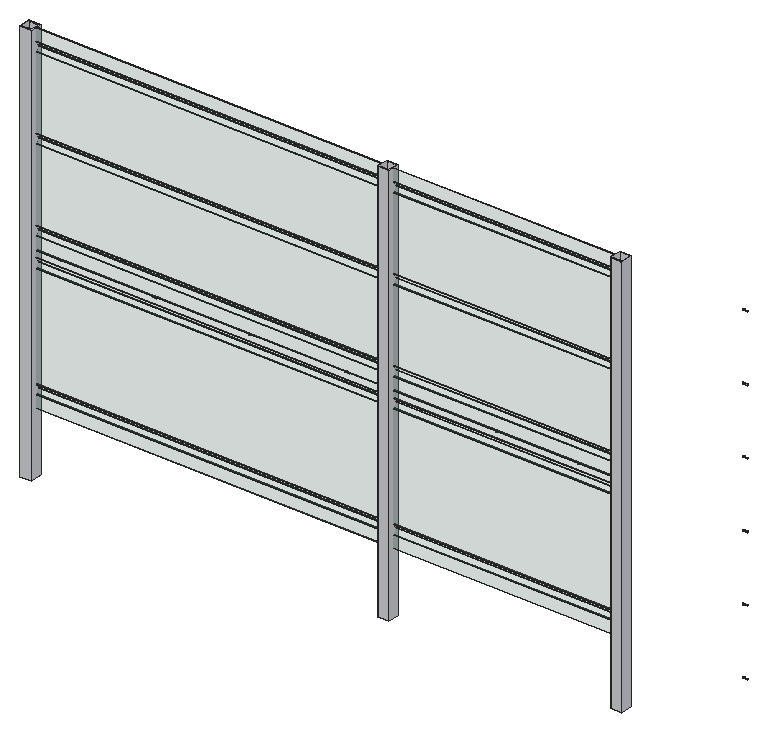
Revit family "Ограждение_Составное_Панель_3D_3000", category Специальное оборудование, Revit 2019 (continued)
Definition of nested family "В_Столб"
  Nested families
    nested 8: "В_Метизы" at (20, 0, 4965), type "Метизы"
      with Тип крепежа 1, Путь к таблице "Таблица метизов", ADSK_Наименование "Комплект метизов «В» для крепления скобы F24 (Винт М6х30 ISO 7380 А2 - 4 шт., Шайба D6 DIN 125 А2 - 4 шт.,Шайба 6 DIN 127 А2 - 4 шт.)", ADSK_Комплект "Ограждение", ADSK_Количество 1, ADSK_Код изделия "8932"
    nested 9: "В_Метизы" at (20, 0, 1319.928), type "Метизы"
      with Тип крепежа 1, Путь к таблице "Таблица метизов", ADSK_Наименование "Комплект метизов «В» для крепления скобы F24 (Винт М6х30 ISO 7380 А2 - 4 шт., Шайба D6 DIN 125 А2 - 4 шт.,Шайба 6 DIN 127 А2 - 4 шт.)", ADSK_Комплект "Ограждение", ADSK_Количество 1, ADSK_Код изделия "8932"
    nested 10: "Типовая аннотация" at (0, 0, 0) x (0, 1, 0) z (0, 0, 1), visible <- "Условное обозначение", type "Типовая аннотация"
      with Ширина 8 mm, Высота 8 mm
    nested 11: "В_Крепеж" at (0, 0, 3749.976), Тип крепежа <- "Ограничитель крепежа", ADSK_Комплект <- "ADSK_Комплект", type "Крепеж"
      with Ширина столба 0 mm, Тип крепежа 1, Путь к таблице "Таблица крепежей", Видимость метизов yes, Y насадка no, ADSK_Обозначение "Крепеж", ADSK_Наименование "Скоба F24", ADSK_Комплект "Ограждение", ADSK_Количество 1, ADSK_Код изделия "15512K"
    nested 12: "В_Метизы" at (20, 0, 3749.976), type "Метизы"
      with Тип крепежа 1, Путь к таблице "Таблица метизов", ADSK_Наименование "Комплект метизов «В» для крепления скобы F24 (Винт М6х30 ISO 7380 А2 - 4 шт., Шайба D6 DIN 125 А2 - 4 шт.,Шайба 6 DIN 127 А2 - 4 шт.)", ADSK_Комплект "Ограждение", ADSK_Количество 1, ADSK_Код изделия "8932"
  Definition of nested family "В_Винтовая опора"
    Parameters (values of type "Свая")
      Ширина столба [instance] = 60 mm
      Путь к таблице [instance] = "Опора имя"  # constant formula
      Диаметр сваи [instance] = 57 mm
      Глубина столба [instance] = 60 mm
      Высота сваи [instance] = 1000 mm
      URL = "https://www.fensys.ru/produkciya/zabivnye-svai_1.html"
      ADSK_Наименование [instance] = size_lookup(Путь к таблице, "", "Свая не найдена, проверьте параметры", Высота сваи, Диаметр сваи, Ширина столба, Глубина столба)  # "Винтовая опора 57х1000 фланец под столб 60х60"
      ADSK_Масса [instance] = size_lookup(Путь к таблице, "ADSK_Масса", 0, Высота сваи, Диаметр сваи, Ширина столба, Глубина столба)  # 5.5
      ADSK_Комплект [instance] = "Ограждение"
      ADSK_Завод-изготовитель [instance] = "FENSYS"  # constant formula
      ADSK_Единица измерения [instance] = "шт."  # constant formula
    Reference planes
      plane 1 "По центру (Вперед/Назад)": y = 0
      plane 2: z = 0
      plane 3 "По центру (Влево/Вправо)": x = 0
      plane 4 "Низ сваи": z = -1000
    Forms (mm)
      Blend 1, solid
        base sketch origin (0, 0, 0) x (1, 0, 0) y (0, 1, 0)
          loop
            circle (0, 0) r 20
        top sketch origin (0, 0, 0) x (1, 0, 0) y (0, 1, 0)
          loop
            circle (0, 0) r 57
        from -1000 to 0
    Dimensions and locks
      "Высота сваи": level to plane 4 "Низ сваи"
      "Диаметр сваи": radius of Blend 1 sketch curve
      aligned and locked: level to plane 2
      aligned and locked: level to Blend 1
      aligned and locked: Blend 1 to level
      aligned and locked: Blend 1 to plane 4 "Низ сваи"
    Automatic sketch dimensions
      plane 1 "По центру (Вперед/Назад)" to Blend 1 sketch curve = 0 mm  (x2)
      Blend 1 sketch curve to plane 3 "По центру (Влево/Вправо)" = 0 mm  (x2)
      radius of Blend 1 sketch curve = 20 mm
  Definition of nested family "В_Крепеж"
    Parameters (values of type "Крепеж")
      Ширина столба [instance] = 0 mm
      Тип крепежа [instance] = 5
      Путь к таблице [instance] = "Таблица крепежей"  # constant formula
      Manufacturer = [ADSK_Завод-изготовитель]  # "FENSYS"
      Model = "Насадки"
      Видимость метизов [instance] = not(Тип крепежа = 5)  # no
      Y насадка [instance] = yes
      URL = "https://www.fensys.ru/produkciya/krepyozh.html"
      ADSK_Обозначение [instance] = "Крепеж"  # constant formula
      ADSK_Наименование [instance] = size_lookup(Путь к таблице, "", "Не найдено", Тип крепежа)  # "Комплект крепления СББ/ПББ к насадке (Болт М6х25 DIN 933 оц - 4 шт., Зажим для крепления струны/проволоки - 4 шт., Шайба D6 DIN 125 оц. - 8 шт.,  Гайка М6 кл.8.0 DIN 934 оц. - 4 шт.)"
      ADSK_Комплект [instance] = ""
      ADSK_Количество [instance] = 1  # constant formula
      ADSK_Код изделия [instance] = size_lookup(Путь к таблице, "ADSK_Код изделия", "Не найдено", Тип крепежа)  # "8927"
      ADSK_Завод-изготовитель = "FENSYS"  # constant formula
      ADSK_Единица измерения = "шт."  # constant formula
    Reference planes
      plane 1 "По центру (Вперед/Назад)": y = 0
      plane 2: z = 0
      plane 3 "По центру (Влево/Вправо)": x = 0
      plane 4: z = 0
    Forms (mm)
      Extrusion 1, solid
        sketch origin (0, -3, 0) x (1, 0, 0) y (0, 1, 0)
          loop
            line (-20, 5.5) -> (-20, 0.5) -> (20, 0.5) -> (20, 5.5) -> (-20, 5.5)
        from -4.311 to 4.311
    Dimensions and locks
      locked: Extrusion 1 sketch curve to Extrusion 1 sketch curve at 5
      locked: Extrusion 1 sketch curve to Extrusion 1 sketch curve at 40
      aligned and locked: level to plane 2
    Nested families
      nested 1: "В_Метизы" at (20, 0, 0), Тип крепежа <- "Тип крепежа", ADSK_Комплект <- "ADSK_Комплект", visible <- "Видимость метизов", type "Метизы"
        with Тип крепежа 5, Путь к таблице "Таблица метизов", ADSK_Наименование "Комплект крепления СББ/ПББ к насадке (Болт М6х25 DIN 933 оц - 4 шт., Зажим для крепления струны/проволоки - 4 шт., Шайба D6 DIN 125 оц. - 8 шт.,  Гайка М6 кл.8.0 DIN 934 оц. - 4 шт.)", ADSK_Комплект "", ADSK_Количество 1, ADSK_Код изделия "8927"
      nested 2: "В_Метизы" at (-20, 0, 0), visible <- "Y насадка", Тип крепежа <- "Тип крепежа", ADSK_Комплект <- "ADSK_Комплект", type "Метизы"
        with Тип крепежа 5, Путь к таблице "Таблица метизов", ADSK_Наименование "Комплект крепления СББ/ПББ к насадке (Болт М6х25 DIN 933 оц - 4 шт., Зажим для крепления струны/проволоки - 4 шт., Шайба D6 DIN 125 оц. - 8 шт.,  Гайка М6 кл.8.0 DIN 934 оц. - 4 шт.)", ADSK_Комплект "", ADSK_Количество 1, ADSK_Код изделия "8927"
    Definition of nested family "В_Метизы"
      Parameters (values of type "Метизы")
        Тип крепежа [instance] = 1
        Путь к таблице [instance] = "Таблица метизов"  # constant formula
        Manufacturer = [ADSK_Завод-изготовитель]  # "FENSYS"
        URL = "https://www.fensys.ru/produkciya/krepyozh.html"
        ADSK_Наименование [instance] = size_lookup(Путь к таблице, "", "Не найдено", Тип крепежа)  # "Комплект метизов «В» для крепления скобы F24 (Винт М6х30 ISO 7380 А2 - 4 шт., Шайба D6 DIN 125 А2 - 4 шт.,Шайба 6 DIN 127 А2 - 4 шт.)"
        ADSK_Комплект [instance] = "Ограждение"
        ADSK_Количество [instance] = 1  # constant formula
        ADSK_Код изделия [instance] = size_lookup(Путь к таблице, "ADSK_Код изделия", "Не найдено", Тип крепежа)  # "8932"
        ADSK_Завод-изготовитель = "FENSYS"  # constant formula
        ADSK_Единица измерения = "шт."  # constant formula
      Reference planes
        plane 1 "По центру (Вперед/Назад)": y = 0
        plane 2: z = 0
        plane 3 "По центру (Влево/Вправо)": x = 0
        plane 4: z = 0
      Lines and regions (mm)
        reference lines
          curve 1: circle (0, 0, 0) r 0.299 normal (0, -1, 0)
        model lines
          curve 2: circle (0, 0, 0) r 0.3 normal (0, -1, 0)
      Dimensions and locks
        aligned and locked: level to plane 2
  Definition of nested family "В_Метизы"
    Parameters (values of type "Метизы")
      Тип крепежа [instance] = 1
      Путь к таблице [instance] = "Таблица метизов"  # constant formula
      Manufacturer = [ADSK_Завод-изготовитель]  # "FENSYS"
      URL = "https://www.fensys.ru/produkciya/krepyozh.html"
      ADSK_Наименование [instance] = size_lookup(Путь к таблице, "", "Не найдено", Тип крепежа)  # "Комплект метизов «В» для крепления скобы F24 (Винт М6х30 ISO 7380 А2 - 4 шт., Шайба D6 DIN 125 А2 - 4 шт.,Шайба 6 DIN 127 А2 - 4 шт.)"
      ADSK_Комплект [instance] = "Ограждение"
      ADSK_Количество [instance] = 1  # constant formula
      ADSK_Код изделия [instance] = size_lookup(Путь к таблице, "ADSK_Код изделия", "Не найдено", Тип крепежа)  # "8932"
      ADSK_Завод-изготовитель = "FENSYS"  # constant formula
      ADSK_Единица измерения = "шт."  # constant formula
    Reference planes
      plane 1 "По центру (Вперед/Назад)": y = 0
      plane 2: z = 0
      plane 3 "По центру (Влево/Вправо)": x = 0
      plane 4: z = 0
    Lines and regions (mm)
      reference lines
        curve 1: circle (0, 0, 0) r 0.299 normal (0, -1, 0)
      model lines
        curve 2: circle (0, 0, 0) r 0.3 normal (0, -1, 0)
    Dimensions and locks
      aligned and locked: level to plane 2
  Definition of nested family "Типовая аннотация"
    Parameters (values of type "Типовая аннотация")
      Ширина [instance] = 10 mm
      Высота [instance] = 10 mm
    Reference planes
      plane 1: y = 0
      plane 2: x = 0
    Lines and regions (mm)
      detail lines
        curve 1: line (-5, 5, 0) -> (5, 5, 0)
        curve 2: line (-5, -5, 0) -> (-5, 5, 0)
        curve 3: line (5, -5, 0) -> (-5, -5, 0)
        curve 4: line (5, 5, 0) -> (5, -5, 0)
      reference lines
        curve 5: line (-5, 0, 0) -> (5, 0, 0)
        curve 6: line (0, -5, 0) -> (0, 5, 0)
        curve 7: line (5, -5, 0) -> (5, 5, 0)
        curve 8: line (-5, -5, 0) -> (-5, 5, 0)
        curve 9: line (5, 5, 0) -> (-5, 5, 0)
        curve 10: line (5, -5, 0) -> (-5, -5, 0)
    Dimensions and locks
      "Высота": curve 9 to curve 10
      "Ширина": curve 8 to curve 7
      equal spacing: curve 10, plane 1, curve 9
      equal spacing: curve 8, curve 6, curve 7
      aligned and locked: plane 1 to curve 5
      aligned and locked: plane 2 to curve 6
      aligned and locked: curve 8 to curve 2
      aligned and locked: curve 1 to curve 9
      aligned and locked: curve 4 to curve 7
      aligned and locked: curve 3 to curve 10
Definition of nested family "В_Панель"
  Parameters (values of type "Панель")
    Толщина панели = 8 mm
    Тип крепежа [instance] = 0
    Таблица масса [instance] = "Панель масса"  # constant formula
    Расчетная длина [instance] = ADSK_Размер_Ширина + Отступ панели * 2  # 2600 mm
    Размер ячейки [instance] = 1
    Размер прутка [instance] = 2
    Таблица поиска = "Панель имя"  # constant formula
    Отступ панели от основания [instance] = 100 mm
    Отступ панели [instance] = 50 mm
    Manufacturer = [ADSK_Завод-изготовитель]  # "FENSYS"
    Высота дубляж [instance] = if(not(ADSK_Размер_Высота > 1530 mm), Высота V2, Высота V4)  # 1430 mm
    Высота V5 [instance] = if(V5, ADSK_Размер_Высота, 3030 mm)  # 3030 mm
    Высота V4 [instance] = if(V4, ADSK_Размер_Высота, 2830 mm)  # 2830 mm
    Высота V3 [instance] = if(V3, ADSK_Размер_Высота, 1930 mm)  # 1930 mm
    Высота V2 [instance] = if(V2, ADSK_Размер_Высота, 1430 mm)  # 1430 mm
    V5 [instance] = and(ADSK_Размер_Высота > 2830 mm, not(ADSK_Размер_Высота > 3030 mm))  # no
    V4 [instance] = and(ADSK_Размер_Высота > 1930 mm, not(ADSK_Размер_Высота > 2830 mm))  # no
    V3 [instance] = and(ADSK_Размер_Высота > 1430 mm, not(ADSK_Размер_Высота > 1930 mm))  # no
    V2 [instance] = not(ADSK_Размер_Высота > 1430 mm)  # yes
    URL = "https://www.fensys.ru/produkciya/3d-zabory.html"
    ADSK_Размер_Ширина [instance] = 2500 mm
    ADSK_Размер_Высота [instance] = 1430 mm
    ADSK_Примечание [instance] = ""
    ADSK_Обозначение [instance] = if(Размер ячейки = 1, "GUARD-G", if(Размер ячейки = 2, "GUARD-T", "GUARD"))  # "GUARD-G"
    ADSK_Наименование [instance] = size_lookup(Таблица поиска, "", "Панель под подрезку", ADSK_Размер_Ширина, ADSK_Размер_Высота, Размер ячейки, Размер прутка)  # "Панель 3D серии GUARD-T: HxW (высота х ширина) 1430x2505 (+-2) мм, пруток D=5 мм, ячейка = 50х150 мм, V-образных изгибов 2"
    ADSK_Материал = none
    ADSK_Масса [instance] = size_lookup(Таблица масса, "ADSK_Масса", 0, ADSK_Размер_Ширина, ADSK_Размер_Высота, Размер ячейки, Размер прутка)  # 15.6
    ADSK_Комплект [instance] = "Ограждение"
    ADSK_Код изделия [instance] = size_lookup(Таблица поиска, "ADSK_Код изделия", " ", ADSK_Размер_Ширина, ADSK_Размер_Высота, Размер ячейки, Размер прутка)  # "16850"
    ADSK_Завод-изготовитель = "FENSYS"  # constant formula
    ADSK_Единица измерения = "шт."  # constant formula
  Reference planes
    plane 1 "По центру (Вперед/Назад)": y = 0
    plane 2 "Низ панели": z = 0
    plane 3 "По центру (Влево/Вправо)": x = 0
    plane 4: x = 2550
    plane 5: x = 50
    plane 6 "Верх панели": z = 2930
    plane 7: x = 2600
    plane 8: z = 100
    plane 9: y = -4
    plane 10: y = 4
    plane 11: z = 1515.128
    plane 12: z = 250
    plane 13: z = 1430
    plane 14: z = 210
    plane 15: z = 290
    plane 16: z = 1470
    plane 17: z = 1390
    plane 18: y = 30
    plane 19: z = 1530
    plane 20: z = 250
    plane 21: z = 2780
    plane 22: z = 210
    plane 23: z = 290
    plane 24: z = 2820
    plane 25: z = 2740
    plane 26: y = 30
    plane 27: z = 1936.667
    plane 28: z = 1093.333
    plane 29: z = 1976.667
    plane 30: z = 1896.667
    plane 31: z = 1053.333
    plane 32: z = 1133.333
    plane 33: z = 250
    plane 34: z = 1880
    plane 35: z = 210
    plane 36: z = 290
    plane 37: z = 1920
    plane 38: z = 1840
    plane 39: y = 30
    plane 40: z = 1065
    plane 41: z = 1025
    plane 42: z = 1105
    plane 43 "По центру Л/Р": z = 2030
    plane 44: z = 250
    plane 45: z = 2980
    plane 46: z = 210
    plane 47: z = 290
    plane 48: z = 3020
    plane 49: z = 2940
    plane 50: y = 30
    plane 51: z = 2297.5
    plane 52: z = 932.5
    plane 53: z = 2337.5
    plane 54: z = 2257.5
    plane 55: z = 892.5
    plane 56: z = 972.5
    plane 57 "V5": z = 3130
    plane 58: z = 1615
    plane 59: z = 1575
    plane 60: z = 1655
    plane 61 "Высота для крепежа": z = 1530
  Forms (mm)
    Extrusion 1, solid, material <- "ADSK_Материал", visible <- "V2", detail levels medium+fine
      sketch origin (0, 0, 0) x (0, 1, 0) y (0, 0, 1)
        loop
          line (-4, 1530) -> (-4, 1470) -> (22, 1430) -> (-4, 1390) -> (-4, 290) -> (22, 250) -> (-4, 210) -> (-4, 100) -> (4, 100) -> (4, 210) -> (30, 250) -> (4, 290) -> (4, 1390) -> (30, 1430) -> (4, 1470) -> (4, 1530) -> (-4, 1530)
      from 50 to 2550
    Extrusion 2, solid, material <- "ADSK_Материал", visible <- "V4", detail levels medium+fine
      sketch origin (0, 0, 119.872) x (0, 1, 0) y (0, 0, 1)
        loop
          line (-4, 2810.128) -> (-4, 2700.128) -> (22, 2660.128) -> (-4, 2620.128) -> (-4, 1856.795) -> (22, 1816.795) -> (-4, 1776.795) -> (-4, 1013.462) -> (22, 973.462) -> (-4, 933.462) -> (-4, 170.128) -> (22, 130.128) -> (-4, 90.128) -> (-4, -19.872) -> (4, -19.872) -> (4, 90.128) -> (30, 130.128) -> (4, 170.128) -> (4, 933.462) -> (30, 973.462) -> (4, 1013.462) -> (4, 1776.795) -> (30, 1816.795) -> (4, 1856.795) -> (4, 2620.128) -> (30, 2660.128) -> (4, 2700.128) -> (4, 2810.128) -> (-4, 2810.128)
      from 50 to 2550
    Extrusion 3, solid, material <- "ADSK_Материал", visible <- "V3", detail levels medium+fine
      sketch origin (0, 0, 119.872) x (0, 1, 0) y (0, 0, 1)
        loop
          line (-4, 1910.128) -> (-4, 1800.128) -> (22, 1760.128) -> (-4, 1720.128) -> (-4, 985.128) -> (22, 945.128) -> (-4, 905.128) -> (-4, 170.128) -> (22, 130.128) -> (-4, 90.128) -> (-4, -19.872) -> (4, -19.872) -> (4, 90.128) -> (30, 130.128) -> (4, 170.128) -> (4, 905.128) -> (30, 945.128) -> (4, 985.128) -> (4, 1720.128) -> (30, 1760.128) -> (4, 1800.128) -> (4, 1910.128) -> (-4, 1910.128)
      from 50 to 2550
    Extrusion 4, solid, material <- "ADSK_Материал", visible <- "V5", detail levels medium+fine
      sketch origin (0, 0, 119.872) x (0, 1, 0) y (0, 0, 1)
        loop
          line (-4, 3010.128) -> (-4, 2900.128) -> (22, 2860.128) -> (-4, 2820.128) -> (-4, 2217.628) -> (22, 2177.628) -> (-4, 2137.628) -> (-4, 1535.128) -> (22, 1495.128) -> (-4, 1455.128) -> (-4, 852.628) -> (22, 812.628) -> (-4, 772.628) -> (-4, 170.128) -> (22, 130.128) -> (-4, 90.128) -> (-4, -19.872) -> (4, -19.872) -> (4, 90.128) -> (30, 130.128) -> (4, 170.128) -> (4, 772.628) -> (30, 812.628) -> (4, 852.628) -> (4, 1455.128) -> (30, 1495.128) -> (4, 1535.128) -> (4, 2137.628) -> (30, 2177.628) -> (4, 2217.628) -> (4, 2820.128) -> (30, 2860.128) -> (4, 2900.128) -> (4, 3010.128) -> (-4, 3010.128)
      from 50 to 2550
    Extrusion 5, solid, material <- "ADSK_Материал", detail levels coarse
      sketch origin (0, 0, 0) x (1, 0, 0) y (0, 1, 0)
        loop
          line (50, 4) -> (50, -4) -> (2550, -4) -> (2550, 4) -> (50, 4)
      from 100 to 1530
  Dimensions and locks
    "ADSK_Размер_Ширина": plane 5 to plane 4
    "Отступ панели": plane 4 to plane 7
    "Отступ панели": plane 3 "По центру (Влево/Вправо)" to plane 5
    "Расчетная длина": plane 3 "По центру (Влево/Вправо)" to plane 7
    "Отступ панели от основания": plane 8 to level
    equal spacing: plane 9, plane 1 "По центру (Вперед/Назад)", plane 10
    "Толщина панели": plane 10 to plane 9
    "Высота V4": plane 6 "Верх панели" to plane 8
    locked: plane 12 to plane 8 at 150
    locked: plane 12 to plane 14 at 40
    equal spacing: plane 15, plane 12, plane 14
    locked: plane 13 to plane 17 at 40
    equal spacing: plane 16, plane 13, plane 17
    locked: plane 1 "По центру (Вперед/Назад)" to plane 18 at 30
    locked: plane 19 to plane 13 at 100
    "Высота V2": plane 19 to plane 8
    locked: plane 20 to plane 22 at 40
    equal spacing: plane 23, plane 20, plane 22
    locked: plane 21 to plane 25 at 40
    equal spacing: plane 24, plane 21, plane 25
    equal spacing: plane 21, plane 27, plane 28, plane 20
    locked: plane 27 to plane 30 at 40
    locked: plane 32 to plane 28 at 40
    equal spacing: plane 29, plane 27, plane 30
    equal spacing: plane 32, plane 28, plane 31
    Extrusion 2 sketch curve to Extrusion 2 sketch curve = 8 mm  (x2)
    locked: plane 6 "Верх панели" to plane 21 at 150
    locked: plane 20 to plane 8 at 150
    locked: plane 33 to plane 35 at 40
    equal spacing: plane 36, plane 33, plane 35
    locked: plane 34 to plane 38 at 40
    equal spacing: plane 37, plane 34, plane 38
    equal spacing: plane 34, plane 40, plane 33
    locked: plane 42 to plane 40 at 40
    equal spacing: plane 42, plane 40, plane 41
    Extrusion 3 sketch curve to Extrusion 3 sketch curve = 8 mm
    plane 33 to plane 8 = 150 mm
    "Высота V3": plane 43 "По центру Л/Р" to plane 8
    locked: plane 43 "По центру Л/Р" to plane 34 at 150
    locked: plane 44 to plane 46 at 40
    equal spacing: plane 47, plane 44, plane 46
    locked: plane 45 to plane 49 at 40
    equal spacing: plane 48, plane 45, plane 49
    equal spacing: plane 45, plane 51, plane 58, plane 52, plane 44
    locked: plane 51 to plane 54 at 40
    locked: plane 56 to plane 52 at 40
    equal spacing: plane 53, plane 51, plane 54
    equal spacing: plane 56, plane 52, plane 55
    Extrusion 4 sketch curve to Extrusion 4 sketch curve = 8 mm  (x3)
    locked: plane 44 to plane 8 at 150
    locked: plane 57 "V5" to plane 45 at 150
    locked: plane 60 to plane 58 at 40
    equal spacing: plane 60, plane 58, plane 59
    "Высота V5": plane 57 "V5" to plane 8
    "ADSK_Размер_Высота": plane 61 "Высота для крепежа" to plane 8
    aligned and locked: level to plane 2 "Низ панели"
    aligned and locked: plane 16 to Extrusion 1 sketch curve  (x2)
    aligned and locked: plane 13 to Extrusion 1 sketch curve  (x2)
    aligned and locked: plane 18 to Extrusion 1 sketch curve
    aligned and locked: Extrusion 1 sketch curve to plane 18
    aligned and locked: plane 12 to Extrusion 1 sketch curve  (x2)
    aligned and locked: plane 15 to Extrusion 1 sketch curve  (x2)
    aligned and locked: plane 14 to Extrusion 1 sketch curve  (x2)
    aligned and locked: Extrusion 1 sketch curve to plane 9  (x2)
    aligned and locked: Extrusion 1 sketch curve to plane 10  (x3)
    aligned and locked: Extrusion 1 sketch curve to plane 8
    aligned and locked: plane 4 to Extrusion 1
    aligned and locked: Extrusion 1 to plane 5
    aligned and locked: plane 19 to Extrusion 1 sketch curve
    aligned and locked: plane 24 to Extrusion 2 sketch curve  (x2)
    aligned and locked: plane 21 to Extrusion 2 sketch curve  (x2)
    aligned and locked: plane 26 to Extrusion 2 sketch curve  (x3)
    aligned and locked: Extrusion 2 sketch curve to plane 26
    aligned and locked: plane 20 to Extrusion 2 sketch curve  (x2)
    aligned and locked: plane 23 to Extrusion 2 sketch curve  (x2)
    aligned and locked: plane 22 to Extrusion 2 sketch curve  (x2)
    aligned and locked: plane 31 to Extrusion 2 sketch curve  (x2)
    aligned and locked: plane 29 to Extrusion 2 sketch curve  (x2)
    aligned and locked: plane 27 to Extrusion 2 sketch curve  (x2)
    aligned and locked: plane 30 to Extrusion 2 sketch curve  (x2)
    aligned and locked: plane 28 to Extrusion 2 sketch curve  (x2)
    aligned and locked: plane 32 to Extrusion 2 sketch curve  (x2)
    aligned and locked: plane 37 to Extrusion 3 sketch curve  (x2)
    aligned and locked: plane 34 to Extrusion 3 sketch curve  (x2)
    aligned and locked: plane 39 to Extrusion 3 sketch curve
    aligned and locked: Extrusion 3 sketch curve to plane 39  (x2)
    aligned and locked: plane 33 to Extrusion 3 sketch curve  (x2)
    aligned and locked: plane 36 to Extrusion 3 sketch curve  (x2)
    aligned and locked: plane 35 to Extrusion 3 sketch curve  (x2)
    aligned and locked: plane 41 to Extrusion 3 sketch curve  (x2)
    aligned and locked: plane 40 to Extrusion 3 sketch curve  (x2)
    aligned and locked: plane 43 "По центру Л/Р" to Extrusion 3
    aligned and locked: plane 48 to Extrusion 4 sketch curve  (x2)
    aligned and locked: plane 45 to Extrusion 4 sketch curve  (x2)
    aligned and locked: plane 50 to Extrusion 4 sketch curve  (x4)
    aligned and locked: Extrusion 4 sketch curve to plane 50
    aligned and locked: plane 44 to Extrusion 4 sketch curve  (x2)
    aligned and locked: plane 47 to Extrusion 4 sketch curve  (x2)
    aligned and locked: plane 46 to Extrusion 4 sketch curve  (x2)
    aligned and locked: plane 55 to Extrusion 4 sketch curve  (x2)
    aligned and locked: plane 53 to Extrusion 4 sketch curve  (x2)
    aligned and locked: plane 51 to Extrusion 4 sketch curve  (x2)
    aligned and locked: plane 54 to Extrusion 4 sketch curve  (x2)
    aligned and locked: plane 52 to Extrusion 4 sketch curve  (x2)
    aligned and locked: plane 56 to Extrusion 4 sketch curve  (x2)
    aligned and locked: plane 57 "V5" to Extrusion 4  (x2)
    aligned and locked: plane 58 to Extrusion 4 sketch curve  (x2)
    aligned and locked: plane 59 to Extrusion 4 sketch curve  (x2)
    aligned and locked: plane 60 to Extrusion 4 sketch curve  (x2)
    aligned and locked: plane 4 to Extrusion 4
    aligned and locked: plane 4 to Extrusion 3
    aligned and locked: Extrusion 4 to plane 4  (x5)
    aligned and locked: plane 4 to Extrusion 2
    aligned and locked: Extrusion 4 to plane 5
    aligned and locked: Extrusion 3 to plane 5
    aligned and locked: Extrusion 2 to plane 5
    aligned and locked: plane 5 to Extrusion 4
    aligned and locked: Extrusion 5 sketch curve to plane 9
    aligned and locked: plane 10 to Extrusion 5 sketch curve
    aligned and locked: Extrusion 5 to plane 5
    aligned and locked: plane 4 to Extrusion 5
    aligned and locked: Extrusion 5 to plane 8
    aligned and locked: Extrusion 5 to plane 61 "Высота для крепежа"
  Automatic sketch dimensions
    Extrusion 1 sketch curve to plane 9 = 0 mm
    Extrusion 1 sketch curve to plane 17 = 0 mm  (x2)
    Extrusion 1 sketch curve to plane 18 = 8 mm
    Extrusion 1 sketch curve to Extrusion 1 sketch curve = 8 mm
    Extrusion 2 sketch curve to plane 6 "Верх панели" = 0 mm
    Extrusion 2 sketch curve to plane 9 = 0 mm  (x5)
    Extrusion 2 sketch curve to plane 8 = 0 mm
    Extrusion 2 sketch curve to plane 10 = 0 mm  (x5)
    Extrusion 2 sketch curve to plane 25 = 0 mm  (x2)
    Extrusion 2 sketch curve to Extrusion 2 sketch curve = 8 mm
    Extrusion 2 sketch curve to plane 26 = 8 mm
    Extrusion 3 sketch curve to plane 9 = 0 mm  (x4)
    Extrusion 3 sketch curve to plane 8 = 0 mm
    Extrusion 3 sketch curve to plane 10 = 0 mm  (x4)
    Extrusion 3 sketch curve to plane 42 = 0 mm  (x2)
    Extrusion 3 sketch curve to plane 38 = 0 mm  (x2)
    Extrusion 3 sketch curve to plane 43 "По центру Л/Р" = 0 mm
    Extrusion 3 sketch curve to plane 39 = 8 mm
    Extrusion 3 sketch curve to Extrusion 3 sketch curve = 8 mm
    plane 6 "Верх панели" to Extrusion 4 sketch curve = 200 mm
    Extrusion 4 sketch curve to plane 8 = 0 mm
    Extrusion 4 sketch curve to plane 49 = 0 mm  (x2)
    Extrusion 4 sketch curve to Extrusion 4 sketch curve = 8 mm  (x7)
    Extrusion 4 sketch curve to plane 50 = 26 mm  (x5)
    Extrusion 4 sketch curve to plane 50 = 8 mm
    Extrusion 4 sketch curve to plane 50 = 34 mm
    plane 5 to Extrusion 5 sketch curve = 0 mm
    Extrusion 5 sketch curve to Extrusion 5 sketch curve = 2500 mm
Definition of nested family "В_Крепеж"
  Parameters (values of type "Крепеж")
    Ширина столба [instance] = 0 mm
    Тип крепежа [instance] = 5
    Путь к таблице [instance] = "Таблица крепежей"  # constant formula
    Manufacturer = [ADSK_Завод-изготовитель]  # "FENSYS"
    Model = "Насадки"
    Видимость метизов [instance] = not(Тип крепежа = 5)  # no
    Y насадка [instance] = yes
    URL = "https://www.fensys.ru/produkciya/krepyozh.html"
    ADSK_Обозначение [instance] = "Крепеж"  # constant formula
    ADSK_Наименование [instance] = size_lookup(Путь к таблице, "", "Не найдено", Тип крепежа)  # "Комплект крепления СББ/ПББ к насадке (Болт М6х25 DIN 933 оц - 4 шт., Зажим для крепления струны/проволоки - 4 шт., Шайба D6 DIN 125 оц. - 8 шт.,  Гайка М6 кл.8.0 DIN 934 оц. - 4 шт.)"
    ADSK_Комплект [instance] = ""
    ADSK_Количество [instance] = 1  # constant formula
    ADSK_Код изделия [instance] = size_lookup(Путь к таблице, "ADSK_Код изделия", "Не найдено", Тип крепежа)  # "8927"
    ADSK_Завод-изготовитель = "FENSYS"  # constant formula
    ADSK_Единица измерения = "шт."  # constant formula
  Reference planes
    plane 1 "По центру (Вперед/Назад)": y = 0
    plane 2: z = 0
    plane 3 "По центру (Влево/Вправо)": x = 0
    plane 4: z = 0
  Forms (mm)
    Extrusion 1, solid
      sketch origin (0, -3, 0) x (1, 0, 0) y (0, 1, 0)
        loop
          line (-20, 5.5) -> (-20, 0.5) -> (20, 0.5) -> (20, 5.5) -> (-20, 5.5)
      from -4.311 to 4.311
  Dimensions and locks
    locked: Extrusion 1 sketch curve to Extrusion 1 sketch curve at 5
    locked: Extrusion 1 sketch curve to Extrusion 1 sketch curve at 40
    aligned and locked: level to plane 2
  Nested families
    nested 1: "В_Метизы" at (20, 0, 0), Тип крепежа <- "Тип крепежа", ADSK_Комплект <- "ADSK_Комплект", visible <- "Видимость метизов", type "Метизы"
      with Тип крепежа 5, Путь к таблице "Таблица метизов", ADSK_Наименование "Комплект крепления СББ/ПББ к насадке (Болт М6х25 DIN 933 оц - 4 шт., Зажим для крепления струны/проволоки - 4 шт., Шайба D6 DIN 125 оц. - 8 шт.,  Гайка М6 кл.8.0 DIN 934 оц. - 4 шт.)", ADSK_Комплект "", ADSK_Количество 1, ADSK_Код изделия "8927"
    nested 2: "В_Метизы" at (-20, 0, 0), visible <- "Y насадка", Тип крепежа <- "Тип крепежа", ADSK_Комплект <- "ADSK_Комплект", type "Метизы"
      with Тип крепежа 5, Путь к таблице "Таблица метизов", ADSK_Наименование "Комплект крепления СББ/ПББ к насадке (Болт М6х25 DIN 933 оц - 4 шт., Зажим для крепления струны/проволоки - 4 шт., Шайба D6 DIN 125 оц. - 8 шт.,  Гайка М6 кл.8.0 DIN 934 оц. - 4 шт.)", ADSK_Комплект "", ADSK_Количество 1, ADSK_Код изделия "8927"
  Definition of nested family "В_Метизы"
    Parameters (values of type "Метизы")
      Тип крепежа [instance] = 1
      Путь к таблице [instance] = "Таблица метизов"  # constant formula
      Manufacturer = [ADSK_Завод-изготовитель]  # "FENSYS"
      URL = "https://www.fensys.ru/produkciya/krepyozh.html"
      ADSK_Наименование [instance] = size_lookup(Путь к таблице, "", "Не найдено", Тип крепежа)  # "Комплект метизов «В» для крепления скобы F24 (Винт М6х30 ISO 7380 А2 - 4 шт., Шайба D6 DIN 125 А2 - 4 шт.,Шайба 6 DIN 127 А2 - 4 шт.)"
      ADSK_Комплект [instance] = "Ограждение"
      ADSK_Количество [instance] = 1  # constant formula
      ADSK_Код изделия [instance] = size_lookup(Путь к таблице, "ADSK_Код изделия", "Не найдено", Тип крепежа)  # "8932"
      ADSK_Завод-изготовитель = "FENSYS"  # constant formula
      ADSK_Единица измерения = "шт."  # constant formula
    Reference planes
      plane 1 "По центру (Вперед/Назад)": y = 0
      plane 2: z = 0
      plane 3 "По центру (Влево/Вправо)": x = 0
      plane 4: z = 0
    Lines and regions (mm)
      reference lines
        curve 1: circle (0, 0, 0) r 0.299 normal (0, -1, 0)
      model lines
        curve 2: circle (0, 0, 0) r 0.3 normal (0, -1, 0)
    Dimensions and locks
      aligned and locked: level to plane 2
Definition of nested family "В_Метизы"
  Parameters (values of type "Метизы")
    Тип крепежа [instance] = 1
    Путь к таблице [instance] = "Таблица метизов"  # constant formula
    Manufacturer = [ADSK_Завод-изготовитель]  # "FENSYS"
    URL = "https://www.fensys.ru/produkciya/krepyozh.html"
    ADSK_Наименование [instance] = size_lookup(Путь к таблице, "", "Не найдено", Тип крепежа)  # "Комплект метизов «В» для крепления скобы F24 (Винт М6х30 ISO 7380 А2 - 4 шт., Шайба D6 DIN 125 А2 - 4 шт.,Шайба 6 DIN 127 А2 - 4 шт.)"
    ADSK_Комплект [instance] = "Ограждение"
    ADSK_Количество [instance] = 1  # constant formula
    ADSK_Код изделия [instance] = size_lookup(Путь к таблице, "ADSK_Код изделия", "Не найдено", Тип крепежа)  # "8932"
    ADSK_Завод-изготовитель = "FENSYS"  # constant formula
    ADSK_Единица измерения = "шт."  # constant formula
  Reference planes
    plane 1 "По центру (Вперед/Назад)": y = 0
    plane 2: z = 0
    plane 3 "По центру (Влево/Вправо)": x = 0
    plane 4: z = 0
  Lines and regions (mm)
    reference lines
      curve 1: circle (0, 0, 0) r 0.299 normal (0, -1, 0)
    model lines
      curve 2: circle (0, 0, 0) r 0.3 normal (0, -1, 0)
  Dimensions and locks
    aligned and locked: level to plane 2
Definition of nested family "В_Крепеж_межпанельный"
  Parameters (values of type "В_Крепеж_межпанельный")
    Ширина столба [instance] = 100 mm
    Шаг столбов [instance] = 500 mm
    Тип крепежа [instance] = 1  # constant formula
    Ограничитель длины [instance] = if(not(Длина панели > 0 mm), 1 mm, Длина панели)  # 400 mm
    Длина панели [instance] = Шаг столбов - Ширина столба  # 400 mm
    Видимость одного крепежа [instance] = no
    Видимость массива [instance] = yes
    N межпанельно крепежа [instance] = if(not(Длина панели < 2500 mm), 4, if(and(Длина панели < 2500 mm, not(Длина панели < 1500 mm)), 3, 2))  # 2
    ADSK_Комплект [instance] = "Ограждение"
  Reference planes
    plane 1 "По центру (Вперед/Назад)": y = 0
    plane 2: z = 0
    plane 3 "По центру (Влево/Вправо)": x = 0
    plane 4: x = 200
    plane 5: x = -200
  Dimensions and locks
    "Ограничитель длины": plane 5 to plane 4
    equal spacing: plane 5, plane 3 "По центру (Влево/Вправо)", plane 4
    group 2 to group 1 = 100 mm
    group 1 to group 2 = 0 mm  (x2)
    locked: nested 3 to plane 4 at 250
    locked: plane 5 to nested 1 at 250
    aligned and locked: level to plane 2
    aligned and locked: plane 1 "По центру (Вперед/Назад)" to nested 1
    aligned and locked: plane 3 "По центру (Влево/Вправо)" to nested 5
    aligned and locked: plane 1 "По центру (Вперед/Назад)" to nested 5
  Nested families
    nested 1: "В_Крепеж" at (50, 0, 0), Тип крепежа <- "Тип крепежа", ADSK_Комплект <- "ADSK_Комплект", visible <- "Видимость массива", type "Крепеж"
      with Ширина столба 0 mm, Тип крепежа 1, Путь к таблице "Таблица крепежей", Видимость метизов yes, Y насадка no, ADSK_Обозначение "Крепеж", ADSK_Наименование "Скоба F24", ADSK_Комплект "Ограждение", ADSK_Количество 1, ADSK_Код изделия "15512K"
    nested 2: "В_Метизы" at (70, 0, 0), type "Метизы"
      with Тип крепежа 1, Путь к таблице "Таблица метизов", ADSK_Наименование "Комплект метизов «В» для крепления скобы F24 (Винт М6х30 ISO 7380 А2 - 4 шт., Шайба D6 DIN 125 А2 - 4 шт.,Шайба 6 DIN 127 А2 - 4 шт.)", ADSK_Комплект "Ограждение", ADSK_Количество 1, ADSK_Код изделия "8932"
    nested 3: "В_Крепеж" at (-50, 0, 0), Тип крепежа <- "Тип крепежа", ADSK_Комплект <- "ADSK_Комплект", visible <- "Видимость массива", type "Крепеж"
      with Ширина столба 0 mm, Тип крепежа 1, Путь к таблице "Таблица крепежей", Видимость метизов yes, Y насадка no, ADSK_Обозначение "Крепеж", ADSK_Наименование "Скоба F24", ADSK_Комплект "Ограждение", ADSK_Количество 1, ADSK_Код изделия "15512K"
    nested 4: "В_Метизы" at (-30, 0, 0), type "Метизы"
      with Тип крепежа 1, Путь к таблице "Таблица метизов", ADSK_Наименование "Комплект метизов «В» для крепления скобы F24 (Винт М6х30 ISO 7380 А2 - 4 шт., Шайба D6 DIN 125 А2 - 4 шт.,Шайба 6 DIN 127 А2 - 4 шт.)", ADSK_Комплект "Ограждение", ADSK_Количество 1, ADSK_Код изделия "8932"
    nested 5: "В_Крепеж" at (0, 0, 0), visible <- "Видимость одного крепежа", type "Крепеж"
      with Ширина столба 0 mm, Тип крепежа 1, Путь к таблице "Таблица крепежей", Видимость метизов yes, Y насадка yes, ADSK_Обозначение "Крепеж", ADSK_Наименование "Скоба F24", ADSK_Комплект "Ограждение", ADSK_Количество 1, ADSK_Код изделия "15512K"
    nested 6: "В_Метизы" at (20, 0, 0), type "Метизы"
      with Тип крепежа 1, Путь к таблице "Таблица метизов", ADSK_Наименование "Комплект метизов «В» для крепления скобы F24 (Винт М6х30 ISO 7380 А2 - 4 шт., Шайба D6 DIN 125 А2 - 4 шт.,Шайба 6 DIN 127 А2 - 4 шт.)", ADSK_Комплект "Ограждение", ADSK_Количество 1, ADSK_Код изделия "8932"
    nested 7: "В_Метизы" at (-20, 0, 0), type "Метизы"
      with Тип крепежа 1, Путь к таблице "Таблица метизов", ADSK_Наименование "Комплект метизов «В» для крепления скобы F24 (Винт М6х30 ISO 7380 А2 - 4 шт., Шайба D6 DIN 125 А2 - 4 шт.,Шайба 6 DIN 127 А2 - 4 шт.)", ADSK_Комплект "Ограждение", ADSK_Количество 1, ADSK_Код изделия "8932"
  Definition of nested family "В_Крепеж"
    Parameters (values of type "Крепеж")
      Ширина столба [instance] = 0 mm
      Тип крепежа [instance] = 5
      Путь к таблице [instance] = "Таблица крепежей"  # constant formula
      Manufacturer = [ADSK_Завод-изготовитель]  # "FENSYS"
      Model = "Насадки"
      Видимость метизов [instance] = not(Тип крепежа = 5)  # no
      Y насадка [instance] = yes
      URL = "https://www.fensys.ru/produkciya/krepyozh.html"
      ADSK_Обозначение [instance] = "Крепеж"  # constant formula
      ADSK_Наименование [instance] = size_lookup(Путь к таблице, "", "Не найдено", Тип крепежа)  # "Комплект крепления СББ/ПББ к насадке (Болт М6х25 DIN 933 оц - 4 шт., Зажим для крепления струны/проволоки - 4 шт., Шайба D6 DIN 125 оц. - 8 шт.,  Гайка М6 кл.8.0 DIN 934 оц. - 4 шт.)"
      ADSK_Комплект [instance] = ""
      ADSK_Количество [instance] = 1  # constant formula
      ADSK_Код изделия [instance] = size_lookup(Путь к таблице, "ADSK_Код изделия", "Не найдено", Тип крепежа)  # "8927"
      ADSK_Завод-изготовитель = "FENSYS"  # constant formula
      ADSK_Единица измерения = "шт."  # constant formula
    Reference planes
      plane 1 "По центру (Вперед/Назад)": y = 0
      plane 2: z = 0
      plane 3 "По центру (Влево/Вправо)": x = 0
      plane 4: z = 0
    Forms (mm)
      Extrusion 1, solid
        sketch origin (0, -3, 0) x (1, 0, 0) y (0, 1, 0)
          loop
            line (-20, 5.5) -> (-20, 0.5) -> (20, 0.5) -> (20, 5.5) -> (-20, 5.5)
        from -4.311 to 4.311
    Dimensions and locks
      locked: Extrusion 1 sketch curve to Extrusion 1 sketch curve at 5
      locked: Extrusion 1 sketch curve to Extrusion 1 sketch curve at 40
      aligned and locked: level to plane 2
    Nested families
      nested 1: "В_Метизы" at (20, 0, 0), Тип крепежа <- "Тип крепежа", ADSK_Комплект <- "ADSK_Комплект", visible <- "Видимость метизов", type "Метизы"
        with Тип крепежа 5, Путь к таблице "Таблица метизов", ADSK_Наименование "Комплект крепления СББ/ПББ к насадке (Болт М6х25 DIN 933 оц - 4 шт., Зажим для крепления струны/проволоки - 4 шт., Шайба D6 DIN 125 оц. - 8 шт.,  Гайка М6 кл.8.0 DIN 934 оц. - 4 шт.)", ADSK_Комплект "", ADSK_Количество 1, ADSK_Код изделия "8927"
      nested 2: "В_Метизы" at (-20, 0, 0), visible <- "Y насадка", Тип крепежа <- "Тип крепежа", ADSK_Комплект <- "ADSK_Комплект", type "Метизы"
        with Тип крепежа 5, Путь к таблице "Таблица метизов", ADSK_Наименование "Комплект крепления СББ/ПББ к насадке (Болт М6х25 DIN 933 оц - 4 шт., Зажим для крепления струны/проволоки - 4 шт., Шайба D6 DIN 125 оц. - 8 шт.,  Гайка М6 кл.8.0 DIN 934 оц. - 4 шт.)", ADSK_Комплект "", ADSK_Количество 1, ADSK_Код изделия "8927"
    Definition of nested family "В_Метизы"
      Parameters (values of type "Метизы")
        Тип крепежа [instance] = 1
        Путь к таблице [instance] = "Таблица метизов"  # constant formula
        Manufacturer = [ADSK_Завод-изготовитель]  # "FENSYS"
        URL = "https://www.fensys.ru/produkciya/krepyozh.html"
        ADSK_Наименование [instance] = size_lookup(Путь к таблице, "", "Не найдено", Тип крепежа)  # "Комплект метизов «В» для крепления скобы F24 (Винт М6х30 ISO 7380 А2 - 4 шт., Шайба D6 DIN 125 А2 - 4 шт.,Шайба 6 DIN 127 А2 - 4 шт.)"
        ADSK_Комплект [instance] = "Ограждение"
        ADSK_Количество [instance] = 1  # constant formula
        ADSK_Код изделия [instance] = size_lookup(Путь к таблице, "ADSK_Код изделия", "Не найдено", Тип крепежа)  # "8932"
        ADSK_Завод-изготовитель = "FENSYS"  # constant formula
        ADSK_Единица измерения = "шт."  # constant formula
      Reference planes
        plane 1 "По центру (Вперед/Назад)": y = 0
        plane 2: z = 0
        plane 3 "По центру (Влево/Вправо)": x = 0
        plane 4: z = 0
      Lines and regions (mm)
        reference lines
          curve 1: circle (0, 0, 0) r 0.299 normal (0, -1, 0)
        model lines
          curve 2: circle (0, 0, 0) r 0.3 normal (0, -1, 0)
      Dimensions and locks
        aligned and locked: level to plane 2
  Definition of nested family "В_Метизы"
    Parameters (values of type "Метизы")
      Тип крепежа [instance] = 1
      Путь к таблице [instance] = "Таблица метизов"  # constant formula
      Manufacturer = [ADSK_Завод-изготовитель]  # "FENSYS"
      URL = "https://www.fensys.ru/produkciya/krepyozh.html"
      ADSK_Наименование [instance] = size_lookup(Путь к таблице, "", "Не найдено", Тип крепежа)  # "Комплект метизов «В» для крепления скобы F24 (Винт М6х30 ISO 7380 А2 - 4 шт., Шайба D6 DIN 125 А2 - 4 шт.,Шайба 6 DIN 127 А2 - 4 шт.)"
      ADSK_Комплект [instance] = "Ограждение"
      ADSK_Количество [instance] = 1  # constant formula
      ADSK_Код изделия [instance] = size_lookup(Путь к таблице, "ADSK_Код изделия", "Не найдено", Тип крепежа)  # "8932"
      ADSK_Завод-изготовитель = "FENSYS"  # constant formula
      ADSK_Единица измерения = "шт."  # constant formula
    Reference planes
      plane 1 "По центру (Вперед/Назад)": y = 0
      plane 2: z = 0
      plane 3 "По центру (Влево/Вправо)": x = 0
      plane 4: z = 0
    Lines and regions (mm)
      reference lines
        curve 1: circle (0, 0, 0) r 0.299 normal (0, -1, 0)
      model lines
        curve 2: circle (0, 0, 0) r 0.3 normal (0, -1, 0)
    Dimensions and locks
      aligned and locked: level to plane 2
Types (10, lengths in mm): name | Ширина столба | Ширина резаной | Шаг столбов | Толщина стенки столба | С фланцем под В.О. | С фланцем | Шаг последнего столба | Показать средний столб | Под бетонирование | Отступ панели | built-in parameter 1001306 | Глубина столба | Высота столба | Высота панели | Высота нижней панели | Высота межпанельного крепежа | Ограничитель высоты | Высота забора | Высота верхней панели | Выбор типа основания | Видимость соединителей первой панели | Видимость массива соединителей последней панели | Видимость одного соединителя последней панели | Видимость массива столбов | Видимость соединителей массива | Видимость массива панелей | Видимость 1ой панели | N столбов в массиве | N панелей в массиве | N панелей | ADSK_Размер_Длина | ADSK_Наименование
  Панель 3000_Под винт_Столб 60х60 | 60 | 700 | 3060 | 2 | yes | no | 760 | no | no | 30 | 13000 | 60 | 3000 | 2960 | 1230 | 1270 | 3000 | 3000 | 1730 | 0 | no | no | yes | yes | yes | yes | no | 4 | 4 | 5 | 13000 | "Ограждение составное 3д - Панель 3000_Под винт_Столб 60х60"
  Панель 3000_Под бетон_Столб 80х80 | 80 | 1100 | 3080 | 2 | no | no | 1180 | no | yes | 40 | 13500 | 80 | 3000 | 2960 | 1230 | 1270 | 3000 | 3000 | 1730 | 1 | no | yes | no | yes | yes | yes | no | 4 | 4 | 5 | 13500 | "Ограждение составное 3д - Панель 3000_Под бетон_Столб 80х80"
  Панель 3000_Под бетон_Столб 60х60 | 60 | 1600 | 3060 | 2 | no | no | 1660 | no | yes | 30 | 13900 | 60 | 3000 | 2960 | 1230 | 1270 | 3000 | 3000 | 1730 | 1 | no | yes | no | yes | yes | yes | no | 4 | 4 | 5 | 13900 | "Ограждение составное 3д- Панель 3000_Под бетон_Столб 60х60"
  Панель 3000_Фланцевое крепление_Столб 80х80 | 80 | 280 | 3080 | 2 | no | yes | 360 | no | no | 40 | 9600 | 80 | 4900 | 4860 | 2430 | 2470 | 4900 | 9000 | 2430 | 2 | no | no | no | yes | yes | yes | no | 3 | 3 | 4 | 9600 | "Ограждение составное 3д - Панель 3000_Фланцевое крепление_Столб 80х80"
  Панель 3000_Фланцевое крепление_Столб 60х60 | 60 | 2500 | 3060 | 2 | no | yes | 2560 | no | no | 30 | 8680 | 60 | 3000 | 2960 | 1230 | 1270 | 3000 | 3000 | 1730 | 2 | no | yes | no | yes | yes | yes | no | 2 | 2 | 3 | 8680 | "Ограждение составное 3д - Панель 3000_Фланцевое крепление_Столб 60х60"
  Панель 3000_Под бетон_Столб 60х80 | 60 | 2760 | 3060 | 2 | no | no | 2820 | no | yes | 30 | 12000 | 80 | 3000 | 2960 | 1230 | 1270 | 3000 | 3000 | 1730 | 1 | no | yes | no | yes | yes | yes | no | 3 | 3 | 4 | 12000 | "Ограждение составное 3д - Панель 3000_Под бетон_Столб 60х80"
  Панель 3000_Под винт_Столб 60х80 | 60 | 2760 | 3060 | 2 | yes | no | 2820 | no | no | 30 | 12000 | 80 | 3000 | 2960 | 1230 | 1270 | 3000 | 3000 | 1730 | 0 | no | yes | no | yes | yes | yes | no | 3 | 3 | 4 | 12000 | "Ограждение составное 3д - Панель 3000_Под винт_Столб 60х80"
  Панель 3000_Фланцевое крепление_Столб 60х80 | 60 | 2760 | 3060 | 2 | no | yes | 2820 | no | no | 30 | 12000 | 80 | 3000 | 2960 | 1230 | 1270 | 3000 | 3000 | 1730 | 2 | no | yes | no | yes | yes | yes | no | 3 | 3 | 4 | 12000 | "Ограждение составное 3д - Панель 3000_Фланцевое крепление_Столб 60х80"
  Панель 3000_Под винт_Столб 80х80 | 80 | 2680 | 3080 | 2 | yes | no | 2760 | no | no | 40 | 12000 | 80 | 3000 | 2960 | 1230 | 1270 | 3000 | 3000 | 1730 | 0 | no | yes | no | yes | yes | yes | no | 3 | 3 | 4 | 12000 | "Ограждение составное 3д - Панель 3000_Под винт_Столб 80х80"
  Панель 3000_Под бетон_Столб 100х100 | 100 | 1920 | 3100 | 3 | no | no | 2020 | yes | yes | 50 | 5120 | 100 | 3000 | 2960 | 1230 | 1270 | 3000 | 3000 | 1730 | 1 | yes | yes | no | no | no | no | yes | 2 | 2 | 2 | 5120 | "Ограждение составное 3д - Панель 3000_Под бетон_Столб 100х100"
